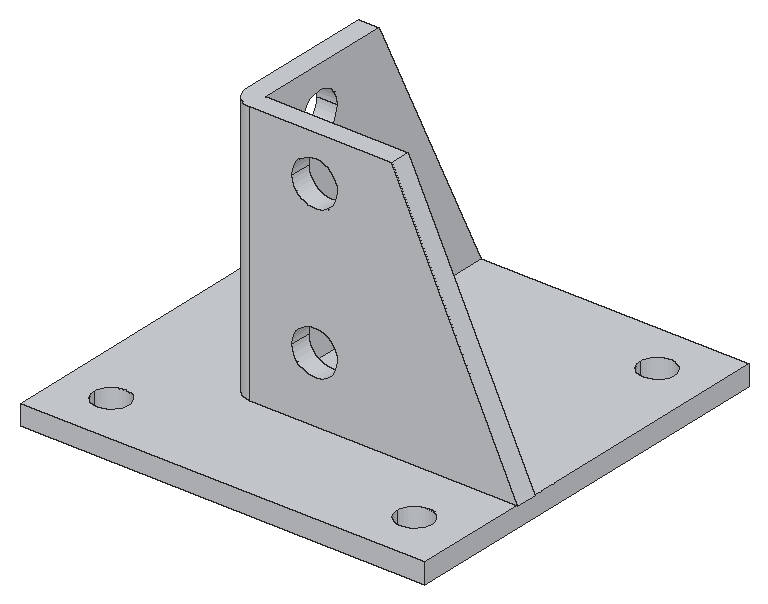
Revit family "Post_Base-Unistrut-P1887", category Specialty Equipment, Revit 2012
Parameters (values of type "P1887")
  ecoScorecard_data = "http://products.ecoscorecard.com/atkore/P1887"
  ecoScorecard Product Page = "http://products.ecoscorecard.com/atkore/P1887?action=html"
  Weight Per Piece = 2.97 lbf
  Unit = none
  Unistrut Part Number = "P1887"  # constant formula
  URL = "http://unistrut.us/index.php"
  Thickness = 0' - 0 1/4"  # constant formula
  Subcategory = "Post Bases"  # constant formula
  Product Page URL = "http://unistrut.us/index.php?WP=cat_detail&S=S05&P=P1887"
  Power Strut Part Number = "PS 3040"  # constant formula
  Part Type = "Post Base"  # constant formula
  Overall Width = 0' - 5"  # constant formula
  Overall Length = 0' - 5"  # constant formula
  Overall Height = 0' - 3 1/2"  # constant formula
  Model = "P1887"  # constant formula
  Material = ""
  Manufacturer Phone - Toll Free = "800-882-5543"  # constant formula
  Manufacturer Phone = "708-339-1610"  # constant formula
  Manufacturer Fax = "708-339-7814"  # constant formula
  Manufacturer Email = "mailto:jshaw@atkore.com"
  Manufacturer Address = "16100 South Lathrop Avenue, Harvey, IL 60426"  # constant formula
  Manufacturer = "Unistrut by Atkore International"  # constant formula
  Load Capacity Note = "Visit the product page for load application and capacity."  # constant formula
  Literature URL = "http://unistrut.us/index.php?WP=LItLibrary"
  Hole Diameter on Plate = 0' - 0 7/16"
  Hole Diameter = 0' - 0 9/16"
  Cost Info = "mailto:jshaw@atkore.com"
  CAD URL = "http://unistrut.us/index.php?WP=CAD3d"
  Assembly Code = "D5020100"
  95 CSI = "16070"  # constant formula
  04 CSI = "26 05 48"  # constant formula
Reference planes (in)
  plane 1 "Center (Front/Back)": y = 0
  plane 2: z = 0
  plane 3 "Center (Left/Right)": x = 0
  plane 4: y = -2.5
  plane 5: y = 2.5
  plane 6: x = -2.5
  plane 7: x = 2.5
  plane 8: z = 3.5
  plane 9: x = -1.875
  plane 10: y = 1.875
  plane 11: x = 1.875
  plane 12: y = -1.875
  plane 13: z = 2.93596
  plane 14: z = 1.06096
Dimensions and locks (in)
  equal spacing: plane 5, plane 1 "Center (Front/Back)", plane 4
  "Overall Width": plane 5 to plane 4
  equal spacing: plane 6, plane 3 "Center (Left/Right)", plane 7
  "Overall Length": plane 6 to plane 7
  "Overall Height": plane 8 to level
  aligned and locked: level to plane 2
Nested families (in)
  nested 1: "1887" at (0, -0.82027, 0) x (-1, 0, 0) z (0, -1, 0), type "1887"
Definition of nested family "1887"
  Parameters (values of type "P187")
    Width = 0' - 5"
    Unit = none
    Thickness = 0' - 0 1/4"
    Hole Radius on Plate = Hole Dia On Plate / 2  # 0' - 0 7/32"
    Hole Dia On Plate = 0' - 0 7/16"
    Height = 0' - 3 1/2"
    Radiuis = Diameter / 2  # 0' - 0 9/32"
    Length = 0' - 5"
    Diameter = 0' - 0 9/16"
    Default Elevation = 0' - 0"
  Reference planes (in)
    plane 1 "Center (Front/Back)": y = 0
    plane 2: z = 0
    plane 3 "Center (Left/Right)": x = 0
    plane 4: y = -3.5
    plane 5: z = 1.67973
    plane 6: z = -3.32027
    plane 7: x = -2.5
    plane 8: x = 2.5
    plane 9: y = -0.25
  Forms (in)
    Extrusion 1, solid, material <- "Unit"
      sketch origin (0, 0.00154, -0.82027) x (1, 0, 0) y (0, 0, 1)
        loop
          line (-2.5, -2.5) -> (2.5, -2.5) -> (2.5, 2.5) -> (-2.5, 2.5) -> (-2.5, -2.5)
        loop
          circle (1.875, -1.875) r 0.21875
        loop
          circle (-1.875, -1.875) r 0.21875
        loop
          circle (1.875, 1.875) r 0.21875
        loop
          circle (-1.875, 1.875) r 0.21875
      from 0 to 0.25
    Extrusion 2, solid, material <- "Unit"
      sketch origin (0, 0.00154, -0.82027) x (1, 0, 0) y (0, 1, 0)
        loop
          line (-0.94393, -3.5) -> (0.80397, -3.5) -> (0.80397, -0.25) -> (-2.5109, -0.25) -> (-0.94393, -3.5)
        loop
          circle (0, -1.0625) r 0.28125
        loop
          circle (0, -2.9375) r 0.28125
      from 0.82027 to 1.07027
    Extrusion 3, solid, material <- "Unit"
      sketch origin (0, 0.00154, -0.82027) x (0, 0, -1) y (0, 1, 0)
        loop
          line (0.92764, -3.5) -> (2.4946, -0.25) -> (-0.82027, -0.25) -> (-0.82027, -3.5) -> (0.92764, -3.5)
        loop
          circle (0, -1.0625) r 0.28125
        loop
          circle (0, -2.9375) r 0.28125
      from 0.80397 to 1.05397
    Extrusion 4, solid, material <- "Unit"
      sketch origin (-4.7083, -3.49846, -0.82027) x (1, 0, 0) y (0, 0, 1)
        loop
          arc (5.76227, 0.82027) -> (5.68905, 0.99704) -> (5.51227, 1.07027) r 0.25
          line (5.51227, 1.07027) -> (5.51227, 0.82027) -> (5.76227, 0.82027)
      from -3.25 to 0
  Cuts and joins
    joined: Extrusion 1, Extrusion 2, Extrusion 3, Extrusion 4
  Dimensions and locks (in)
    equal spacing: plane 7, plane 3 "Center (Left/Right)", plane 8
    "Width": plane 8 to plane 7
    "Length": plane 5 to plane 6
    "Height": plane 1 "Center (Front/Back)" to plane 4
    "Thickness": plane 1 "Center (Front/Back)" to plane 9
    "Hole Radius on Plate": radius of Extrusion 1 sketch curve  (x4)
    "Radiuis": radius of Extrusion 2 sketch curve  (x2)
    "Radiuis": radius of Extrusion 3 sketch curve  (x2)
    aligned and locked: level to plane 2
    aligned and locked: Extrusion 1 to Extrusion 4
    aligned and locked: Extrusion 3 to Extrusion 4
  Automatic sketch dimensions
    Extrusion 1 sketch curve to plane 3 "Center (Left/Right)" = 0' - 2 1/2"
    Extrusion 1 sketch curve to Extrusion 1 sketch curve = 0' - 0 5/8"  (x6)
    plane 3 "Center (Left/Right)" to Extrusion 1 sketch curve = 0' - 1 7/8"  (x2)
    Extrusion 1 sketch curve to level = 0' - 3.32027"
    level to Extrusion 1 sketch curve = 0' - 1.05473"  (x2)
    Extrusion 2 sketch curve to plane 3 "Center (Left/Right)" = 0' - 0"  (x2)
    Extrusion 2 sketch curve to plane 3 "Center (Left/Right)" = 0' - 0.94393"
    plane 1 "Center (Front/Back)" to Extrusion 2 sketch curve = 0' - 0.24846"
    Extrusion 2 sketch curve to plane 3 "Center (Left/Right)" = 0' - 2.5109"
    plane 3 "Center (Left/Right)" to Extrusion 2 sketch curve = 0' - 0.80397"
    plane 1 "Center (Front/Back)" to Extrusion 2 sketch curve = 0' - 1.06096"
    Extrusion 2 sketch curve to Extrusion 2 sketch curve = 0' - 1 7/8"
    Extrusion 2 sketch curve to Extrusion 2 sketch curve = 0' - 0 9/16"
    Extrusion 3 sketch curve to level = 0' - 0"
    Extrusion 3 sketch curve to level = 0' - 0.82027"  (x2)
    Extrusion 3 sketch curve to Extrusion 3 sketch curve = 0' - 0.92764"
    plane 1 "Center (Front/Back)" to Extrusion 3 sketch curve = 0' - 0.24846"
    Extrusion 3 sketch curve to Extrusion 3 sketch curve = 0' - 2.4946"
    plane 1 "Center (Front/Back)" to Extrusion 3 sketch curve = 0' - 1.06096"
    Extrusion 3 sketch curve to Extrusion 3 sketch curve = 0' - 1 7/8"
    Extrusion 3 sketch curve to Extrusion 3 sketch curve = 0' - 0 9/16"
    Extrusion 4 sketch curve to Extrusion 2 = 0' - 0"  (x3)
